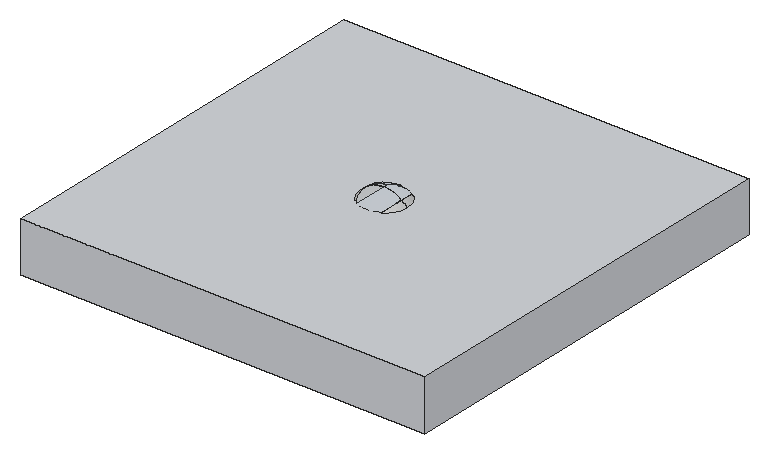
Revit family "GALAD Раунд LED", category Осветительные приборы, Revit 2018 (continued)
Types (3, lengths in mm): name | Файл фотометрической сетки | built-in parameter 1150142 | URL | IP | ADSK_Наименование краткое | ADSK_Наименование | ADSK_Марка | ADSK_Код изделия
  GALAD Раунд LED-9 ECO IP65 | "svetilnik GALAD raund LED-9 ECO IP65.ies" | "IESNA:LM-63-1995\r\n[TEST] Протокол №299R/20, ПАС\r\r\n[DATA]11.09.2020\r\r\n[MANUFAC] GALAD\r\r\n[LUMCAT]  \r\n[LUMINAIRE] Раунд LED-9 ECO IP65\r\r\n[LAMPCAT] \r\r\n[LAMP] LED 9 Вт \r\r\nTILT=NONE\r\n1     820 0.820 73 145 1 2 0.275 0.275 0.061\r\n1.0 1.0 9\r\n0.0 2.5 5.0 7.5 10.0 12.5 15.0 17.5 20.0 22.5 25.0 27.5 30.0 32.5 35.0 37.5 40.0 42.5 45.0 47.5 50.0 52.5 55.0 57.5 60.0 62.5 65.0 67.5 70.0 72.5 75.0 77.5 80.0 82.5 85.0 87.5 90.0 92.5 95.0 97.5 100.0 102.5 105.0 107.5 110.0 112.5 115.0 117.5 120.0 122.5 125.0 127.5 130.0 132.5 135.0 137.5 140.0 142.5 145.0 147.5 150.0 152.5 155.0 157.5 160.0 162.5 165.0 167.5 170.0 172.5 175.0 177.5 180.0\r\n0.0 2.5 5.0 7.5 10.0 12.5 15.0 17.5 20.0 22.5 25.0 27.5 30.0 32.5 35.0 37.5 40.0 42.5 45.0 47.5 50.0 52.5 55.0 57.5 60.0 62.5 65.0 67.5 70.0 72.5 75.0 77.5 80.0 82.5 85.0 87.5 90.0 92.5 95.0 97.5 100.0 102.5 105.0 107.5 110.0 112.5 115.0 117.5 120.0 122.5 125.0 127.5 130.0 132.5 135.0 137.5 140.0 142.5 145.0 147.5 150.0 152.5 155.0 157.5 160.0 162.5 165.0 167.5 170.0 172.5 175.0 177.5 180.0 182.5 185.0 187.5 190.0 192.5 195.0 197.5 200.0 202.5 205.0 207.5 210.0 212.5 215.0 217.5 220.0 222.5 225.0 227.5 230.0 232.5 235.0 237.5 240.0 242.5 245.0 247.5 250.0 252.5 255.0 257.5 260.0 262.5 265.0 267.5 270.0 272.5 275.0 277.5 280.0 282.5 285.0 287.5 290.0 292.5 295.0 297.5 300.0 302.5 305.0 307.5 310.0 312.5 315.0 317.5 320.0 322.5 325.0 327.5 330.0 332.5 335.0 337.5 340.0 342.5 345.0 347.5 350.0 352.5 355.0 357.5 360.0\r\n332.61 334.32 333.10 330.90 328.34 324.80 320.65 315.65 310.03 304.06 297.47 290.15 282.22 273.55 264.65 255.13 245.00 234.14 223.16 211.45 199.37 187.05 174.11 160.81 147.51 133.97 120.18 106.64 93.46 80.65 68.45 57.10 46.85 37.58 29.53 22.57 16.72 11.84 7.93 5.00 2.93 1.59 0.85 0.37 0.12 0.12 0.00 0.12 0.12 0.12 0.12 0.12 0.00 0.00 0.00 0.00 0.00 0.00 0.00 0.00 0.12 0.12 0.12 0.12 0.12 0.12 0.12 0.24 0.24 0.00 0.00 0.00 0.00 \r\n332.61 334.32 333.10 331.02 328.46 324.68 320.65 315.65 310.16 304.42 297.59 290.27 282.34 273.67 264.65 254.88 244.76 234.02 222.80 211.20 199.13 186.68 173.75 160.69 147.39 133.85 120.18 106.52 93.10 80.16 68.08 56.74 46.36 37.21 29.16 22.21 16.35 11.47 7.69 4.88 2.81 1.59 0.85 0.37 0.12 0.00 0.00 0.00 0.12 0.12 0.12 0.12 0.00 0.00 0.00 0.00 0.00 0.00 0.00 0.00 0.12 0.12 0.12 0.12 0.12 0.12 0.12 0.24 0.24 0.12 0.00 0.00 0.00 \r\n332.61 334.32 332.97 331.02 328.46 324.80 320.65 315.89 310.40 304.18 296.98 289.66 281.85 273.06 263.91 254.03 243.90 233.53 222.19 210.72 198.52 186.07 173.26 160.08 146.90 133.36 119.57 105.91 92.73 79.92 67.72 56.49 46.24 37.21 29.16 22.33 16.47 11.59 7.81 5.00 2.93 1.59 0.85 0.37 0.12 0.00 0.00 0.00 0.00 0.12 0.12 0.12 0.00 0.00 0.00 0.00 0.00 0.00 0.00 0.00 0.12 0.12 0.12 0.12 0.12 0.12 0.12 0.24 0.24 0.12 0.00 0.00 0.00 \r\n332.61 334.32 332.85 330.90 328.34 324.80 320.41 315.65 309.79 303.32 296.25 288.80 280.87 272.33 263.18 253.54 243.54 232.92 221.82 210.35 198.52 186.07 173.26 160.08 146.66 133.24 119.57 105.91 92.61 79.92 67.72 56.49 46.24 37.09 29.16 22.21 16.35 11.59 7.69 4.88 2.93 1.59 0.85 0.37 0.12 0.00 0.00 0.00 0.00 0.12 0.12 0.12 0.00 0.00 0.00 0.00 0.00 0.00 0.00 0.00 0.12 0.12 0.12 0.12 0.12 0.12 0.12 0.24 0.24 0.12 0.00 0.00 0.00 \r\n332.61 334.32 332.85 330.78 328.21 324.55 319.80 314.67 308.69 302.35 295.39 288.07 280.39 272.09 263.06 253.54 243.54 233.04 222.19 210.47 198.52 186.07 173.14 160.08 146.66 132.87 119.33 105.66 92.49 79.80 67.60 56.49 46.24 37.09 29.16 22.21 16.35 11.59 7.81 5.00 2.93 1.59 0.85 0.37 0.12 0.00 0.00 0.00 0.00 0.00 0.12 0.12 0.00 0.00 0.00 0.00 0.00 0.00 0.00 0.00 0.12 0.12 0.12 0.12 0.12 0.12 0.12 0.24 0.24 0.12 0.00 0.00 0.00 \r\n332.61 334.19 332.85 330.78 327.97 323.94 319.19 313.94 308.08 301.98 295.64 288.44 280.63 272.21 263.18 253.42 243.42 233.04 222.06 210.23 198.27 185.95 173.26 160.08 146.66 132.99 119.33 105.66 92.49 79.67 67.60 56.37 46.12 37.09 29.04 22.08 16.35 11.47 7.69 4.88 2.93 1.59 0.85 0.37 0.12 0.00 0.00 0.00 0.00 0.00 0.00 0.00 0.00 0.00 0.00 0.00 0.00 0.00 0.00 0.00 0.12 0.12 0.12 0.12 0.12 0.12 0.12 0.24 0.24 0.12 0.00 0.00 0.00 \r\n332.61 334.19 332.85 330.78 327.60 323.33 318.58 313.45 308.08 301.86 295.27 288.32 280.51 272.09 262.94 253.30 243.29 232.56 221.45 209.98 197.90 185.34 172.53 159.47 146.05 132.63 119.08 105.54 92.24 79.43 67.47 56.25 46.12 37.09 29.04 22.21 16.35 11.59 7.81 5.00 2.93 1.59 0.85 0.37 0.12 0.00 0.00 0.00 0.00 0.00 0.00 0.00 0.00 0.00 0.00 0.00 0.00 0.00 0.00 0.00 0.12 0.12 0.12 0.12 0.12 0.12 0.12 0.24 0.24 0.12 0.00 0.00 0.00 \r\n332.61 334.07 332.85 330.66 327.12 322.85 318.21 313.21 308.20 301.86 295.15 288.19 280.26 271.72 262.57 253.05 243.05 232.31 221.33 209.86 197.66 185.09 172.40 159.35 145.81 132.38 118.72 105.18 92.00 79.43 67.35 56.25 46.12 36.97 29.04 22.08 16.23 11.47 7.81 4.88 2.93 1.59 0.85 0.37 0.12 0.12 0.00 0.00 0.00 0.00 0.00 0.00 0.00 0.00 0.00 0.00 0.00 0.00 0.00 0.00 0.12 0.12 0.12 0.12 0.12 0.12 0.12 0.24 0.24 0.12 0.00 0.00 0.00 \r\n332.61 333.95 332.85 330.41 326.51 322.36 317.97 313.09 307.84 301.74 295.15 287.95 279.78 271.36 262.45 252.81 242.81 232.19 221.21 209.37 197.42 185.09 172.16 158.98 145.68 132.26 118.60 105.05 91.88 79.19 67.11 56.00 45.88 36.97 29.16 22.21 16.47 11.71 7.93 5.00 2.93 1.59 0.85 0.37 0.12 0.12 0.00 0.00 0.00 0.00 0.00 0.00 0.00 0.00 0.00 0.00 0.00 0.00 0.00 0.12 0.12 0.12 0.12 0.12 0.12 0.12 0.12 0.24 0.24 0.12 0.00 0.00 0.00 \r\n332.61 333.95 332.85 330.04 326.14 322.11 317.84 313.09 307.72 301.62 294.91 287.58 279.41 270.87 262.21 252.81 242.68 232.07 220.97 209.25 197.29 184.73 171.92 158.86 145.68 132.02 118.47 105.05 91.88 79.19 67.23 56.13 46.00 36.97 29.04 22.21 16.35 11.59 7.81 5.00 2.93 1.71 0.85 0.37 0.12 0.12 0.00 0.00 0.00 0.00 0.00 0.12 0.00 0.00 0.00 0.00 0.00 0.00 0.00 0.12 0.12 0.24 0.12 0.12 0.12 0.12 0.12 0.24 0.24 0.12 0.00 0.00 0.00 \r\n332.61 333.95 332.73 329.56 325.77 321.87 317.84 313.21 307.72 301.37 294.66 287.46 279.41 270.99 262.08 252.57 242.56 231.95 220.60 209.13 197.05 184.61 171.92 158.86 145.44 131.90 118.35 105.05 91.88 79.06 67.11 56.13 46.12 37.09 29.16 22.33 16.47 11.71 7.93 5.12 3.05 1.71 0.85 0.37 0.12 0.12 0.12 0.12 0.00 0.00 0.12 0.12 0.00 0.00 0.00 0.00 0.00 0.00 0.00 0.12 0.24 0.37 0.24 0.12 0.12 0.12 0.12 0.24 0.24 0.12 0.00 0.00 0.00 \r\n332.61 333.83 332.61 329.19 325.41 321.75 317.72 313.21 307.59 301.37 294.78 287.58 279.65 271.11 262.08 252.44 242.44 231.70 220.60 209.01 196.93 184.61 171.92 158.74 145.07 131.77 118.23 104.81 91.63 79.06 67.11 56.13 46.12 37.09 29.16 22.21 16.47 11.71 7.93 5.00 3.05 1.71 0.85 0.49 0.24 0.12 0.12 0.12 0.00 0.00 0.12 0.12 0.00 0.00 0.00 0.00 0.00 0.00 0.00 0.12 0.49 0.61 0.37 0.24 0.12 0.12 0.12 0.24 0.24 0.12 0.00 0.00 0.00 \r\n332.61 333.83 332.36 328.82 325.29 321.50 317.60 313.09 307.47 301.25 294.91 287.58 279.65 270.87 261.96 252.32 242.32 231.82 220.48 208.89 196.81 184.36 171.55 158.62 145.07 131.53 117.99 104.57 91.51 78.94 66.99 56.00 46.00 37.09 29.16 22.33 16.59 11.84 8.05 5.12 3.05 1.71 0.98 0.49 0.24 0.12 0.12 0.12 0.00 0.00 0.12 0.12 0.00 0.00 0.00 0.00 0.00 0.00 0.00 0.24 0.61 0.85 0.49 0.24 0.12 0.12 0.12 0.24 0.24 0.12 0.00 0.00 0.00 \r\n332.61 333.83 332.12 328.58 325.29 321.50 317.60 312.84 307.11 301.13 294.66 287.34 279.41 270.87 261.84 252.08 242.20 231.70 220.60 209.01 196.81 184.36 171.55 158.49 144.95 131.65 118.23 104.81 91.63 79.06 67.11 56.13 46.12 37.09 29.16 22.33 16.59 11.84 8.05 5.12 3.05 1.71 0.98 0.49 0.24 0.12 0.12 0.12 0.00 0.00 0.12 0.12 0.00 0.00 0.00 0.00 0.00 0.00 0.12 0.24 0.49 0.73 0.37 0.24 0.12 0.12 0.12 0.24 0.24 0.12 0.00 0.00 0.00 \r\n332.61 333.71 331.88 328.46 325.16 321.50 317.48 312.60 306.98 301.13 294.42 287.22 279.29 270.75 261.60 251.96 241.95 231.34 220.36 208.89 196.68 184.12 171.43 158.37 145.07 131.65 117.99 104.57 91.63 78.94 67.11 56.13 46.24 37.21 29.41 22.57 16.72 11.96 8.17 5.25 3.17 1.83 0.98 0.49 0.24 0.12 0.12 0.12 0.00 0.00 0.12 0.12 0.00 0.00 0.00 0.00 0.00 0.00 0.12 0.12 0.37 0.49 0.24 0.12 0.12 0.12 0.12 0.24 0.24 0.12 0.00 0.00 0.00 \r\n332.61 333.71 331.51 328.21 325.04 321.50 317.48 312.60 307.11 301.13 294.30 286.97 279.17 270.75 261.60 251.96 241.71 231.09 219.99 208.52 196.56 184.24 171.43 158.37 144.95 131.41 117.74 104.44 91.39 78.94 67.23 56.25 46.24 37.21 29.41 22.45 16.72 11.96 8.17 5.25 3.17 1.83 0.98 0.49 0.24 0.12 0.12 0.00 0.00 0.00 0.12 0.12 0.00 0.00 0.00 0.00 0.00 0.00 0.12 0.12 0.24 0.24 0.24 0.12 0.12 0.12 0.12 0.24 0.24 0.12 0.00 0.00 0.00 \r\n332.61 333.58 331.27 328.09 324.92 321.50 317.36 312.60 307.11 301.13 294.30 286.85 279.04 270.62 261.47 251.83 241.83 231.09 219.87 208.28 196.32 184.12 171.06 158.01 144.59 131.29 117.86 104.57 91.51 78.82 67.11 56.25 46.36 37.46 29.53 22.69 16.96 12.20 8.30 5.37 3.29 1.83 0.98 0.49 0.24 0.12 0.12 0.00 0.00 0.00 0.12 0.00 0.00 0.00 0.00 0.00 0.00 0.00 0.12 0.12 0.12 0.12 0.12 0.12 0.12 0.12 0.12 0.24 0.24 0.12 0.12 0.00 0.00 \r\n332.61 333.58 331.02 327.85 324.80 321.38 317.23 312.48 306.98 301.01 294.17 286.73 278.92 270.50 261.23 251.59 241.59 230.85 219.50 207.79 195.95 183.63 170.94 157.76 144.46 131.29 117.74 104.44 91.51 79.06 67.11 56.25 46.24 37.46 29.53 22.69 16.84 12.08 8.30 5.37 3.29 1.83 0.98 0.49 0.24 0.12 0.00 0.00 0.00 0.00 0.12 0.00 0.00 0.00 0.00 0.00 0.00 0.00 0.00 0.12 0.12 0.12 0.12 0.12 0.12 0.12 0.12 0.24 0.24 0.12 0.12 0.00 0.00 \r\n332.61 333.46 330.90 327.73 324.80 321.38 317.23 312.48 306.98 300.76 294.05 286.49 278.56 270.26 261.11 251.47 241.34 230.60 219.50 208.03 195.95 183.39 170.70 157.76 144.46 130.92 117.38 104.20 91.39 78.82 67.23 56.37 46.49 37.58 29.65 22.94 17.20 12.32 8.54 5.49 3.42 1.95 0.98 0.49 0.24 0.12 0.00 0.00 0.00 0.00 0.00 0.00 0.00 0.00 0.00 0.00 0.00 0.00 0.00 0.12 0.12 0.12 0.12 0.12 0.12 0.12 0.12 0.24 0.24 0.12 0.12 0.00 0.00 \r\n332.61 333.34 330.78 327.73 324.80 321.38 317.23 312.35 306.86 300.76 294.30 286.61 278.43 270.01 260.99 251.47 241.34 230.48 219.50 208.03 195.95 183.51 170.94 158.13 144.83 131.29 117.86 104.57 91.51 79.06 67.35 56.37 46.61 37.70 29.89 22.94 17.08 12.32 8.54 5.49 3.42 1.95 1.10 0.49 0.24 0.12 0.00 0.00 0.00 0.00 0.00 0.00 0.00 0.00 0.00 0.00 0.00 0.00 0.00 0.00 0.12 0.12 0.12 0.12 0.12 0.12 0.12 0.24 0.24 0.12 0.12 0.00 0.00 \r\n332.61 333.22 330.66 327.60 324.80 321.50 317.36 312.23 306.86 300.88 294.30 286.85 278.68 270.14 261.23 251.71 241.71 230.85 219.62 208.15 195.95 183.51 170.82 157.88 144.59 131.16 117.62 104.44 91.51 79.06 67.47 56.61 46.73 37.82 30.02 23.18 17.33 12.57 8.66 5.61 3.42 1.95 1.10 0.49 0.24 0.12 0.00 0.00 0.00 0.00 0.00 0.00 0.00 0.00 0.00 0.00 0.00 0.00 0.00 0.00 0.12 0.12 0.12 0.12 0.12 0.12 0.12 0.24 0.24 0.12 0.12 0.00 0.00 \r\n332.61 333.10 330.53 327.60 324.80 321.50 317.36 312.23 306.86 300.88 294.17 286.85 278.80 270.26 261.35 251.71 241.71 230.97 219.62 208.28 196.20 183.63 171.06 158.01 144.59 131.29 117.99 104.69 91.75 79.31 67.60 56.74 46.85 37.95 30.02 23.18 17.33 12.57 8.66 5.61 3.54 2.07 1.10 0.61 0.24 0.12 0.00 0.00 0.00 0.00 0.00 0.00 0.00 0.00 0.00 0.00 0.00 0.00 0.00 0.00 0.12 0.12 0.12 0.24 0.12 0.12 0.24 0.24 0.24 0.24 0.12 0.00 0.00 \r\n332.61 332.97 330.41 327.73 324.80 321.50 317.23 312.23 306.86 300.88 294.17 286.85 278.80 270.26 261.35 251.71 241.46 230.85 219.87 208.15 196.20 183.75 170.94 157.88 144.59 131.29 117.86 104.57 91.63 79.31 67.60 56.86 46.97 38.07 30.26 23.43 17.57 12.69 8.78 5.73 3.54 2.07 1.10 0.61 0.24 0.12 0.00 0.00 0.00 0.00 0.00 0.00 0.00 0.00 0.00 0.00 0.00 0.00 0.00 0.00 0.00 0.12 0.12 0.24 0.24 0.12 0.24 0.24 0.37 0.24 0.12 0.00 0.00 \r\n332.61 332.85 330.41 327.73 324.80 321.38 317.23 312.60 307.11 301.13 294.30 286.97 278.92 270.26 261.23 251.71 241.46 230.97 219.87 208.15 196.20 183.87 171.06 158.01 144.71 131.29 117.99 104.81 91.88 79.43 67.72 56.98 46.97 38.19 30.26 23.43 17.57 12.69 8.78 5.86 3.66 2.07 1.22 0.61 0.24 0.12 0.00 0.00 0.00 0.00 0.00 0.00 0.00 0.00 0.00 0.00 0.00 0.00 0.00 0.00 0.00 0.12 0.12 0.24 0.24 0.12 0.24 0.37 0.37 0.24 0.12 0.00 0.00 \r\n332.61 332.73 330.41 327.73 324.80 321.38 317.23 312.60 307.23 301.01 294.17 286.85 278.80 270.14 261.35 251.71 241.46 230.85 219.99 208.15 196.07 183.75 171.06 157.88 144.59 131.41 117.86 104.69 91.75 79.43 67.72 56.98 47.22 38.43 30.50 23.67 17.81 12.93 9.03 5.86 3.66 2.20 1.22 0.61 0.24 0.12 0.00 0.00 0.00 0.00 0.00 0.00 0.00 0.00 0.00 0.00 0.00 0.00 0.00 0.00 0.00 0.12 0.12 0.12 0.24 0.24 0.24 0.37 0.49 0.24 0.12 0.00 0.00 \r\n332.61 332.61 330.41 327.73 324.92 321.38 317.36 312.72 307.23 300.88 294.17 286.85 278.92 270.38 261.47 251.71 241.59 230.97 219.87 208.15 196.20 183.75 170.94 158.01 144.95 131.41 118.11 104.81 91.88 79.43 67.84 57.10 47.22 38.31 30.50 23.67 17.81 12.93 9.03 5.98 3.66 2.20 1.22 0.61 0.24 0.12 0.00 0.00 0.00 0.00 0.00 0.00 0.00 0.00 0.00 0.00 0.00 0.00 0.00 0.00 0.00 0.00 0.12 0.12 0.24 0.24 0.24 0.49 0.73 0.37 0.12 0.00 0.00 \r\n332.61 332.49 330.41 327.73 325.04 321.38 317.36 312.72 307.11 300.76 294.30 286.85 278.80 270.38 261.35 251.71 241.46 230.97 219.87 208.28 196.07 183.75 171.18 158.13 144.71 131.41 117.99 104.81 92.00 79.80 68.21 57.35 47.46 38.68 30.75 23.91 18.06 13.06 9.15 5.98 3.78 2.20 1.10 0.61 0.24 0.12 0.00 0.00 0.00 0.00 0.00 0.00 0.00 0.00 0.00 0.00 0.00 0.00 0.00 0.00 0.00 0.00 0.12 0.12 0.24 0.24 0.24 0.61 0.85 0.37 0.12 0.00 0.00 \r\n332.61 332.49 330.41 327.73 325.16 321.63 317.48 312.72 307.11 301.01 294.42 286.85 278.92 270.38 261.35 251.59 241.46 231.09 220.11 208.40 196.07 183.75 171.31 158.25 144.95 131.41 118.11 104.93 92.12 79.80 68.08 57.35 47.59 38.68 30.75 23.91 18.06 13.06 9.15 6.10 3.78 2.20 1.10 0.61 0.24 0.12 0.00 0.00 0.00 0.00 0.00 0.00 0.00 0.00 0.00 0.00 0.00 0.00 0.00 0.00 0.00 0.00 0.12 0.12 0.24 0.24 0.24 0.85 0.98 0.49 0.12 0.00 0.00 \r\n332.61 332.49 330.41 327.73 325.29 321.75 317.60 312.72 307.11 301.25 294.66 286.97 279.04 270.50 261.47 251.83 241.71 231.21 220.11 208.52 196.32 183.75 171.18 158.01 144.83 131.77 118.35 105.18 92.36 80.04 68.33 57.47 47.71 38.80 30.99 24.04 18.18 13.18 9.15 5.98 3.66 2.07 1.10 0.49 0.24 0.12 0.00 0.00 0.00 0.00 0.00 0.00 0.00 0.00 0.00 0.00 0.00 0.00 0.00 0.00 0.12 0.00 0.12 0.12 0.12 0.24 0.37 0.85 1.10 0.49 0.12 0.00 0.00 \r\n332.61 332.36 330.29 327.73 325.16 321.75 317.72 312.84 307.23 301.25 294.42 287.10 279.17 270.62 261.72 251.96 241.83 231.21 220.11 208.52 196.32 184.00 171.43 158.25 144.83 131.65 118.35 105.18 92.36 80.04 68.45 57.59 47.71 38.92 31.11 24.16 18.18 13.30 9.27 5.98 3.54 1.95 0.98 0.49 0.24 0.12 0.00 0.00 0.00 0.00 0.00 0.00 0.00 0.00 0.00 0.00 0.00 0.00 0.00 0.00 0.12 0.12 0.00 0.12 0.12 0.24 0.37 0.98 1.22 0.49 0.12 0.00 0.00 \r\n332.61 332.36 330.29 327.85 325.16 321.75 317.72 312.84 307.23 301.25 294.30 287.10 279.41 270.50 261.60 251.96 241.83 231.09 219.99 208.64 196.68 184.24 171.43 158.49 145.44 131.90 118.47 105.30 92.49 80.16 68.57 57.71 47.83 39.04 31.11 24.16 18.30 13.42 9.27 5.98 3.54 1.95 0.98 0.49 0.12 0.00 0.00 0.00 0.00 0.00 0.00 0.00 0.00 0.00 0.00 0.00 0.00 0.00 0.00 0.00 0.12 0.12 0.00 0.12 0.12 0.24 0.37 0.98 1.10 0.49 0.12 0.00 0.00 \r\n332.61 332.24 330.29 327.85 325.29 321.75 317.60 312.84 307.35 301.37 294.54 287.22 279.29 270.87 261.72 252.08 241.95 231.34 220.11 208.76 196.81 184.48 171.55 158.49 145.20 131.90 118.60 105.42 92.49 80.28 68.82 57.83 48.07 39.17 31.24 24.40 18.42 13.42 9.27 5.73 3.17 1.71 0.85 0.37 0.12 0.12 0.00 0.00 0.00 0.00 0.00 0.00 0.00 0.00 0.00 0.00 0.00 0.00 0.00 0.00 0.12 0.12 0.12 0.12 0.12 0.24 0.24 0.85 1.10 0.49 0.12 0.00 0.00 \r\n332.61 332.24 330.29 327.97 325.29 321.75 317.60 312.84 307.59 301.74 295.15 287.34 279.17 271.23 262.08 252.32 242.20 231.58 220.48 209.01 196.81 184.36 171.67 158.74 145.20 131.90 118.72 105.54 92.73 80.41 68.69 58.08 48.32 39.41 31.48 24.52 18.67 13.42 8.91 5.37 2.93 1.46 0.73 0.37 0.12 0.12 0.00 0.00 0.00 0.00 0.00 0.00 0.00 0.00 0.00 0.00 0.00 0.00 0.00 0.00 0.12 0.12 0.12 0.12 0.12 0.24 0.24 0.85 0.98 0.49 0.12 0.00 0.00 \r\n332.61 332.12 330.29 327.97 325.29 321.75 317.60 312.96 307.59 301.86 295.39 287.58 279.41 271.11 262
